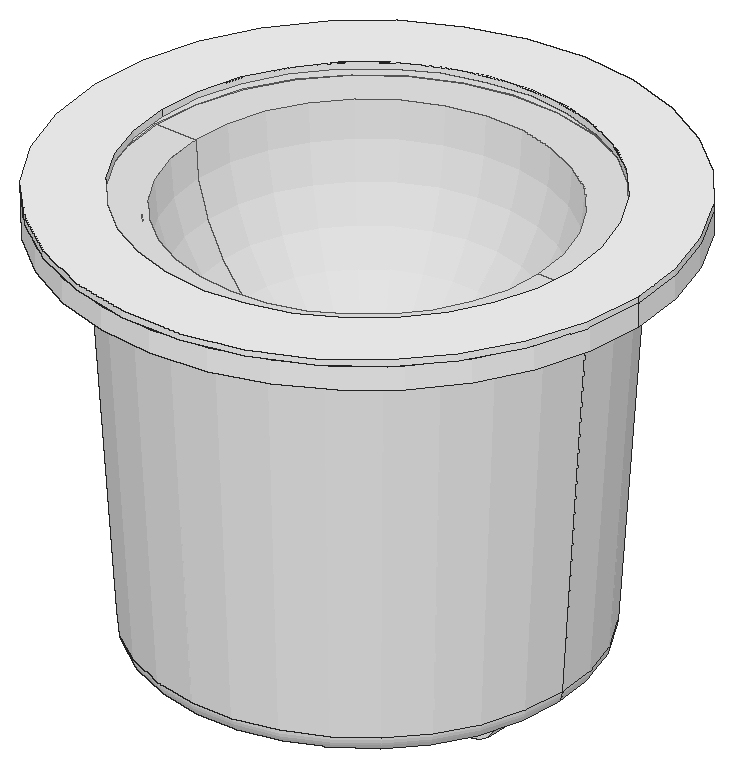
Revit family "2058868 Feilo Sylvania Lighting Fixture MYRD IP FL 2-7K PHDM WHT WBEZ", category Lighting Fixtures, host Face, Revit 2017
Family settings
  Host = Face
  Round Connector Dimension = Use Diameter
  Part Type = Normal
  OmniClass Number = 23.80.70.11.17
  OmniClass Title = Specialized Lighting by Location or Use
  Cut with Voids When Loaded = No
  Light Source = Yes
  Shared = No
  Room Calculation Point = No
Parameters
  Weight = "0.44 kg"
  Wattage = 15 W
  WarrantyStartDate [instance] = "n/a"
  WarrantyGuarantorParts = "n/a"
  WarrantyDurationUnit = "n/a"
  WarrantyDurationParts = "n/a"
  WarrantyDescription = "n/a"
  built-in parameter 1150110 = 1 (stored number, unit not read)
  Voltage = 230 V
  URL = "http://www.sylvania-lighting.com"
  TypeName = "MYRD IP FL 2.7K PHDM WHT WBEZ"
  Type Image = 0
  Type Comments = ""
  built-in parameter 1114217 = 1 (stored number, unit not read)
  Tilt Angle = -90°
  built-in parameter 1150109 = 1 (stored number, unit not read)
  built-in parameter 1150134 = (empty or 0)
  built-in parameter 1150113 = 1 (stored number, unit not read)
  SerialNumber [instance] = "n/a"
  Reflector Radius = Cutout Diameter / 2 - 2.5 mm  # 35.0 mm
  Reflector Material = Aluminum_Sylvania_Myriad_Bright
  Recessed Depth = Height  # 72.0 mm
  PowerFactor = 0
  PowerConsumption = "15 W"
  Photometric Web File = ""
  NominalWidth = 0.0 mm
  NominalLength = 76.0 mm
  NominalHeight = 72.0 mm
  Name = "MYRD IP FL 2.7K PHDM WHT WBEZ"
  ModelReference = "MYRD IP FL 2.7K PHDM WHT WBEZ"
  ModelNumber = "2058868"
  Material = "Aluminium"
  ManufacturerName = "Feilo Sylvania"
  LuminousEfficacy = "57 lm/W"
  LuminaireType = "Ceiling recessed"
  LightOutputRatio = "1"
  LampsType = Lamp  # "LED"
  LampNominalLuminous = "889 lm"
  LampMacAdamStep = "n/a"
  LampColourTemperature = "2700 K"
  LampColourRenderingIndex = "n/a"
  Keynote = "16500"
  Keynote_2 = "16500"
  InstallationDate [instance] = "n/a"
  InputVoltage = "230-240V~"
  InputNominalFrequency = "50/60 Hz"
  IngressProtection = "IP65"
  ImpactProtectionIndex = "IK02"
  IfcExportType = "IfcLightFixtureType"
  IfcExportAs = "IfcLightFixtureType"
  Height = 72.0 mm  # constant formula
  ExpectedLife = 50000
  Emit from Circle Diameter = Accessory Inner Diameter 2  # 68.0 mm
  Emit Shape Visible in Rendering = no
  ElectricShockClassification = "Class II"
  DurationUnit = "hours"
  DocumentationLiterature = "http://www.sylvania-lighting.com/product/en-int/products/2058868"
  DimmingControlOptions = "Dimmable"
  Diffuser Material = Glass_Sylvania_Myriad_Clear_4000K
  Diffuser Diameter = Cutout Diameter  # 75.0 mm
  Cutout Diameter = 75.0 mm  # constant formula
  CreatedOn = "03-11-2017"
  CreatedBy = ""
  Cost = 0
  built-in parameter 1114216 [instance] = 1 (stored number, unit not read)
  built-in parameter 1150142 = (empty or 0)
  Model = "MYRD IP FL 2.7K PHDM WHT WBEZ"
  Manufacturer = "Feilo Sylvania"  # constant formula
  built-in parameter 1150105 = 68.039 (stored number, unit not read)
  Lumens = 855 lm
  built-in parameter 1150115 = 1 (stored number, unit not read)
  built-in parameter 1150137 = (empty or 0)
  built-in parameter 1150139 = (empty or 0)
  built-in parameter 1150112 = 1 (stored number, unit not read)
  built-in parameter 1150114 = 1 (stored number, unit not read)
  Lamp = "LED"
  built-in parameter 1150132 = (empty or 0)
  built-in parameter 1150102 = (empty or 0)
  built-in parameter 1150107 = 2700 (stored number, unit not read)
  built-in parameter 1150138 = (empty or 0)
  built-in parameter 1150106 = 0.68039 (stored number, unit not read)
  built-in parameter 1150104 = 5.2955 (stored number, unit not read)
  Dimming Lamp Color Temperature Shift = (empty or 0)
  Description = "Supplied complete with electronic control gear Compact Fluorescent low energy downlight Emergency version passes through the cut out Ideal for low level orientation lighting New range of Architectural accessories each providing a different lit dimension New completely flush plaster up accessory ring for clean ceiling lines and smooth finish Order lamp separately"  # constant formula
  Default Elevation = 0.0 mm
  Color Filter = 16777215
  built-in parameter 1140040 [instance] = 1
  Body Radius = Reflector Radius + 1.5 mm  # 36.5 mm
  Body Material = Aluminum_Sylvania_Myriad_Gray
  BarCode [instance] = "n/a"
  built-in parameter 1114218 = 1 (stored number, unit not read)
  built-in parameter 1150133 = 10 (stored number, unit not read)
  AssetType = "Fixed"
  AssetIdentifier [instance] = "n/a"
  Assembly Code = "D5020200"
  Apparent Load = 15 VA
  Accessory Material = Aluminum_Sylvania_Myriad_White
  Accessory Inner Diameter 2 = Accessory Diameter - 22.0 mm  # 68.0 mm
  Accessory Inner Diameter 1 = Accessory Diameter - 2.0 mm  # 88.0 mm
  Accessory Diameter = Cutout Diameter + 15.0 mm  # 90.0 mm
Reference planes
  plane 1 "Center (Front/Back)": y = 0
  plane 2: z = 0
  plane 3 "Center (Left/Right)": x = 0
  plane 4: z = 2
  plane 5 "Fixture Bottom": z = 4.5
  plane 6: z = -28.5
  plane 7: z = -61.5
  plane 8 "Fixture Top": z = -67.5
  plane 9: z = 3.5
Forms (mm)
  Revolve 1, solid, material "Aluminum_Sylvania_Myriad_Bright" <- "Reflector Material", detail levels fine
    sketch origin (0, 0, 0) x (1, 0, 0) y (0, 0, 1)
      loop
        line (0, -27.515) -> (-6, -27.515)
        arc (-6, -27.515) -> (-22.333, -16.632) -> (-28.5, 2) r 30.135
        line (-28.5, 2) -> (-35, 2) -> (-35, 0) -> (-29.184, 0)
        arc (-29.184, 0) -> (-22.423, -18.18) -> (-6, -28.5) r 30.204
        line (-6, -28.5) -> (0, -28.5) -> (0, -27.515)
      axis (0, -28.5) -> (0, 2)
    angle from 0 to 360
  Revolve 2, solid, material "Aluminum_Sylvania_Myriad_Gray" <- "Body Material", detail levels fine
    sketch origin (0, 0, 0) x (1, 0, 0) y (0, 0, 1)
      loop
        line (-44, 2) -> (-44, 0) -> (-36.5, 0) -> (-32.42, -58.708)
        arc (-32.42, -58.708) -> (-31.474, -60.694) -> (-29.428, -61.5) r 3
        line (-29.428, -61.5) -> (0, -61.5) -> (0, -28.5) -> (-6, -28.5)
        arc (-6, -28.5) -> (-22.423, -18.18) -> (-29.184, 0) r 30.204
        line (-29.184, 0) -> (-35, 0) -> (-35, 2) -> (-44, 2)
      axis (0, 2) -> (0, -61.5)
    angle from 0 to 360
  Extrusion 3, solid, material "Aluminum_Sylvania_Myriad_Gray" <- "Body Material", detail levels fine
    sketch origin (0, 0, 0) x (1, 0, 0) y (0, 0, 1)
      loop
        line (-13.5, -67.5) -> (21, -67.5)
        arc (21, -67.5) -> (23.828, -66.328) -> (25, -63.5) r 4
        line (25, -63.5) -> (25, -61.5) -> (-17.5, -61.5) -> (-17.5, -63.5)
        arc (-17.5, -63.5) -> (-16.328, -66.328) -> (-13.5, -67.5) r 4
    from -4.5 to 4.5
  Extrusion 4, solid, material "Aluminum_Sylvania_Myriad_White" <- "Accessory Material", detail levels fine
    sketch origin (0, 0, 0) x (1, 0, 0) y (0, 1, 0)
      loop
        circle (0, 0) r 45
      loop
        circle (0, 0) r 44
    from 0 to 3.5
  Extrusion 5, solid, material "Aluminum_Sylvania_Myriad_White" <- "Accessory Material", detail levels fine
    sketch origin (0, 0, 0) x (1, 0, 0) y (0, 1, 0)
      loop
        circle (0, 0) r 45
      loop
        circle (0, 0) r 34
    from 3.5 to 4.5
  Extrusion 6, solid, material "Aluminum_Sylvania_Myriad_White" <- "Accessory Material", detail levels coarse+medium
    sketch origin (0, 0, 0) x (1, 0, 0) y (0, 1, 0)
      loop
        circle (0, 0) r 45
    from 0 to 4.5
  Revolve 7, solid, detail levels coarse+medium
    sketch origin (0, 0, 0) x (1, 0, 0) y (0, 0, 1)
      loop
        line (36.5, 0) -> (0, 0) -> (0, -61.5) -> (32.226, -61.5) -> (36.5, 0)
      axis (0, 0) -> (0, -61.5)
    angle from 0 to 360
  Extrusion 8, void
    sketch origin (0, 0, 0) x (1, 0, 0) y (0, 1, 0)
      loop
        circle (0, 0) r 37.5
    from -67.5 to 0
  Extrusion 9, solid, material "Glass_Sylvania_Myriad_Clear_4000K" <- "Diffuser Material", detail levels fine
    sketch origin (0, 0, 0) x (1, 0, 0) y (0, 1, 0)
      loop
        circle (0, 0) r 37.5
    from 2 to 3.5
Cuts and joins
  joined: Extrusion 4, Extrusion 5
Lines and regions (mm)
  Masking region 1
    outline origin (0, 0, 0) x (1, 0, 0) y (0, 1, 0)
      loop
        circle (0, 0) r 45
  symbolic lines
    curve 1: arc (-34, 0, 0) -> (0, 34, 0) -> (34, 0, 0) r 34
    curve 2: arc (34, 0, 0) -> (0, -34, 0) -> (-34, 0, 0) r 34
Dimensions and locks
  locked: plane 7 to plane 8 "Fixture Top" at 6
  "Body Radius": Revolve 7 sketch curve to plane 3 "Center (Left/Right)"
  locked: Revolve 7 sketch curve to Revolve 7 sketch curve at 4.274
  plane 5 "Fixture Bottom" to plane 9 to plane 4 to plane 2 to plane 6 = 1.0 mm locked, 1.5 mm locked, 2.0 mm locked, 28.5 mm locked
  "Reflector Radius": Revolve 1 sketch curve to plane 3 "Center (Left/Right)"
  Revolve 1 sketch curve to Revolve 1 sketch curve to Revolve 1 sketch curve to Revolve 1 sketch curve = 6.5 mm locked, 22.5 mm locked, 0.0 mm locked
  "Reflector Radius": plane 3 "Center (Left/Right)" to Revolve 2 sketch curve
  Revolve 2 sketch curve to Revolve 2 sketch curve to Revolve 2 sketch curve = 7.5 mm locked, 1.5 mm locked
  Revolve 2 sketch curve to Revolve 2 sketch curve to Revolve 2 sketch curve = 5.816 mm locked, 23.184 mm locked
  Revolve 2 sketch curve to Revolve 2 sketch curve to Revolve 2 sketch curve = 2.58 mm locked, 2.993 mm locked
  "Accessory Diameter": diameter of Extrusion 4 sketch curve
  "Accessory Inner Diameter 1": diameter of Extrusion 4 sketch curve
  "Accessory Diameter": diameter of Extrusion 5 sketch curve
  "Accessory Diameter": diameter of Extrusion 6 sketch curve
  "Cutout Diameter": diameter of Extrusion 8 sketch curve
  "Accessory Inner Diameter 2": diameter of Extrusion 5 sketch curve
  "Diffuser Diameter": diameter of Extrusion 9 sketch curve
  aligned and locked: plane 2 to host face
  aligned and locked: level to host face
  aligned and locked: plane 1 "Center (Front/Back)" to imposter light
  aligned and locked: plane 3 "Center (Left/Right)" to imposter light
  aligned and locked: Revolve 1 sketch curve to imposter light
  aligned and locked: Extrusion 3 sketch curve to plane 8 "Fixture Top"
  aligned and locked: plane 7 to Extrusion 3 sketch curve
  aligned and locked: Extrusion 4 to plane 2
  aligned and locked: plane 9 to Extrusion 4
  aligned and locked: Extrusion 5 to plane 9
  aligned and locked: plane 5 "Fixture Bottom" to Extrusion 5
  aligned and locked: Extrusion 6 to plane 2
  aligned and locked: plane 5 "Fixture Bottom" to Extrusion 6
  aligned and locked: Extrusion 8 to plane 8 "Fixture Top"
  aligned and locked: plane 2 to Extrusion 8
  aligned and locked: Masking region 1 sketch curve to Extrusion 6  (x2)
  aligned and locked: Extrusion 9 to plane 4
  aligned and locked: plane 9 to Extrusion 9
  aligned and locked: plane 4 to Revolve 2 sketch curve
  aligned and locked: Revolve 2 sketch curve to plane 2
  aligned and locked: curve 1 to cut or joined group of Extrusion 4, Extrusion 5
  aligned and locked: curve 2 to cut or joined group of Extrusion 4, Extrusion 5
  aligned and locked: imposter light to plane 5 "Fixture Bottom"
Automatic sketch dimensions
  host sketch curve to host sketch curve = 1305.563 mm
  host sketch curve to host sketch curve = 1283.632 mm
  Extrusion 3 sketch curve to plane 7 = 2.0 mm
  Extrusion 3 sketch curve to plane 3 "Center (Left/Right)" = 13.5 mm
  plane 3 "Center (Left/Right)" to Extrusion 3 sketch curve = 21.0 mm
  Extrusion 3 sketch curve to Extrusion 3 sketch curve = 4.0 mm
  Revolve 1 sketch curve to level = 0.0 mm
  Revolve 1 sketch curve to plane 3 "Center (Left/Right)" = 0.0 mm
  Revolve 1 sketch curve to plane 6 = 0.0 mm
  Revolve 1 sketch curve to plane 4 = 0.0 mm
  Revolve 1 sketch curve to Revolve 1 sketch curve = 0.684 mm
  level to Revolve 1 sketch curve = 0.88 mm
  Revolve 1 sketch curve to plane 4 = 0.363 mm
  Revolve 1 sketch curve to Revolve 1 sketch curve = 0.625 mm
  Revolve 1 sketch curve to plane 8 "Fixture Top" = 232.8 mm
  plane 5 "Fixture Bottom" to Revolve 1 sketch curve = 291.243 mm
  Revolve 2 sketch curve to plane 3 "Center (Left/Right)" = 0.0 mm  (x2)
  Revolve 2 sketch curve to plane 7 = 0.0 mm
  Revolve 2 sketch curve to plane 6 = 0.0 mm
  Revolve 2 sketch curve to level = 0.0 mm
  level to Revolve 2 sketch curve = 0.88 mm
  plane 7 to Revolve 2 sketch curve = 2.792 mm
  Revolve 2 sketch curve to plane 8 "Fixture Top" = 304.774 mm
  plane 5 "Fixture Bottom" to Revolve 2 sketch curve = 1137.105 mm
  Extrusion 4 sketch curve to Extrusion 4 sketch curve = 0.0 mm  (x2)
  plane 1 "Center (Front/Back)" to Extrusion 4 sketch curve = 0.0 mm
  Extrusion 4 sketch curve to plane 3 "Center (Left/Right)" = 0.0 mm
  Extrusion 5 sketch curve to Extrusion 5 sketch curve = 0.0 mm  (x2)
  plane 1 "Center (Front/Back)" to Extrusion 5 sketch curve = 0.0 mm
  Extrusion 5 sketch curve to plane 3 "Center (Left/Right)" = 0.0 mm
  plane 1 "Center (Front/Back)" to Extrusion 6 sketch curve = 0.0 mm
  Extrusion 6 sketch curve to plane 3 "Center (Left/Right)" = 0.0 mm
  Revolve 7 sketch curve to level = 0.0 mm
  Revolve 7 sketch curve to plane 3 "Center (Left/Right)" = 0.0 mm  (x2)
  Revolve 7 sketch curve to plane 7 = 0.0 mm
  Revolve 7 sketch curve to plane 8 "Fixture Top" = 304.774 mm
  plane 5 "Fixture Bottom" to Revolve 7 sketch curve = 43.226 mm
  plane 1 "Center (Front/Back)" to Extrusion 8 sketch curve = 0.0 mm
  Extrusion 8 sketch curve to plane 3 "Center (Left/Right)" = 0.0 mm
  plane 1 "Center (Front/Back)" to Extrusion 9 sketch curve = 0.0 mm
  Extrusion 9 sketch curve to plane 3 "Center (Left/Right)" = 0.0 mm
Connectors
  electrical at (-0.006, -0.019, -67.5), driven by "Apparent Load", driven by "Apparent Load"
    settings: on plane 8 "Fixture Top", index 1, voltage 230 V, apparent load 15 VA, apparent load phase1 15 VA, apparent load phase2 0 VA, apparent load phase3 0 VA, power factor 1, load classification "Lighting", number of poles 1, system type 30, power factor state 1, is connector primary yes, connector utility no, sub classification motor no, connector description ""
